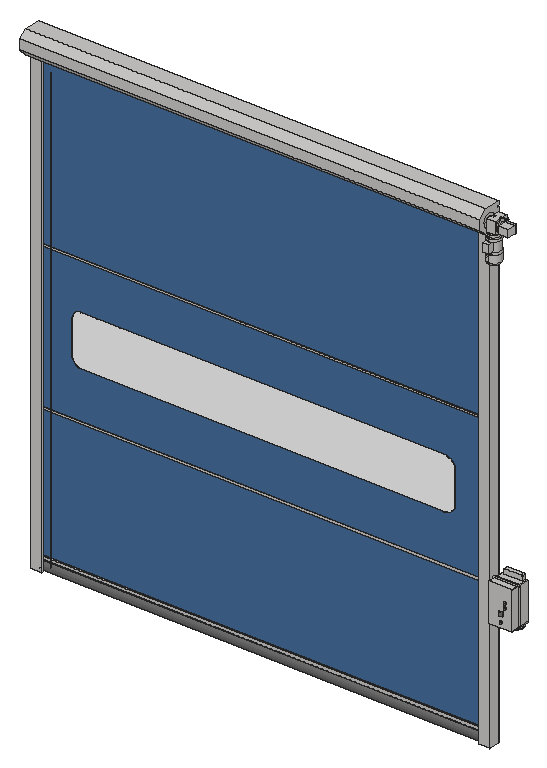
Revit family "2021_ES_Puerta_Ferroflex-RapidaEnrollable_Fenroll_D00683ES", category Doors, host Wall, Revit 2021
Family settings
  Host = Wall
  OmniClass Number = 23.30.10.00
  OmniClass Title = Doors
  Always vertical = Yes
  Cut with Voids When Loaded = No
  Shared = No
  Room Calculation Point = No
Parameters (values of type "Puerta enrollable 4500 x 4500 m")
  Zona = ""
  Vida Util Esperada = ""
  Motor Vertical [instance] = not(Motor Horizontal)  # yes
  Version Estandar GDO-BIM = "GDO-BIM V02"  # constant formula
  Version = "RVT2021"  # constant formula
  Unidad Medicion = "Unidad"  # constant formula
  Unidad = ""
  Uniclass2015 Titulo = ""
  Uniclass2015 Codigo = ""
  URL de Declaracion de Prestaciones = "https://ferroflexindustrialaccess.com/productos/puerta-rapida-enrollable-acero"
  URL Producto = "https://ferroflexindustrialaccess.com/productos/puerta-rapida-enrollable-acero"
  URL Perfil BIM = "https://bimetica.com/es/objeto-bim-ferroflex-puerta-rapida-enrrollable-acero-fenroll-d00683es-v2-15956.html"
  URL = "https://ferroflexindustrialaccess.com/productos/puerta-rapida-enrollable-acero"
  UNSPSC Titulo = "Rolling doors"  # constant formula
  UNSPSC Codigo = "30171503"  # constant formula
  Type Comments = ""
  Titular = "MANUSA GEST, S.L."  # constant formula
  Tipo Embalaje Proteccion = ""
  Tiempo Util De Vida = ""
  Tiempo Medio Entre Fallos = ""
  Thickness = 20 mm  # constant formula
  Telefono Contacto = "0034 937 263 433"  # constant formula
  Soporte tecnico BIM = "https://bimsupport.info/es/fabricantes/ferroflex/"
  Serie = "Puertas enrrollables"  # constant formula
  Salida de incendios = no
  Salida Humos = no
  Responsable Seguridad = ""
  Responsable Prescripcion = ""
  Responsable Compra = ""
  Residuos Peligrosos por Unidad = 0
  Residuos No Peligrosos por Unidad = 0
  Residuo Radioactivo por Unidad = 0
  Residuo Inerte por Unidad = 0
  Referencia Unidad Funcional = ""
  Referencia Lote = ""
  Referencia Contacto Soporte Tecnico = "ferroflex@ferroflex.net"  # constant formula
  Referencia Contacto Comercial Venta = "ferroflex@ferroflex.net"  # constant formula
  Referencia = "D00683ES-V2"  # constant formula
  Punto de Contacto = "https://ferroflexindustrialaccess.com/contact"
  Plataforma descaga contenido BIM = "www.bimetica.com"
  Peso = 0.00 kg
  Periodo Garantia = "1 año vista"
  Partida URL = ""
  Pais de Venta = ""
  Operation = "Enrrollable"  # constant formula
  Omniclass Titulo = "Access Doors"  # constant formula
  Omniclass Codigo = "23-17 11 27 13"  # constant formula
  Numero de Licencia = "XXX-XXXX7125"  # constant formula
  Numero de Declaracion de Prestaciones = ""
  Numero Serie = ""
  Numero Articulo Global Comercial = ""
  Numero Articulo = "D00683ES-V2"  # constant formula
  Nivel de Riesgo = ""
  Model = "Fenroll"  # constant formula
  Material Telon = PVC_Azul
  Material Envoltura = "Envoltura de plástico"
  Material Contenedor = "Caja de madera"
  Material = Hierro_Lacado
  Masterformat Titulo = "Access Doors and Panels"  # constant formula
  Masterformat Codigo = "08 31 00"  # constant formula
  Marcado CE = yes
  Manufacturer = "Ferroflex S.L.U."  # constant formula
  Mantenimiento = ""
  Lugar Ensamblaje = "En obra"
  Instrucciones Especiales = ""
  Informacion Tecnica = ""
  Infiltracion = 0
  IfcExportType = "Roll-up door"  # constant formula
  IfcExportAs = "IfcDoor"  # constant formula
  Identificador Garantia = ""
  Motor Horizontal [instance] = no
  Historial = "(RVT2021) Creación de Elemento."  # constant formula
  Gubimclass Titulo = "Puertas de acceso"  # constant formula
  Gubimclass Codigo = "80.10.40.20"  # constant formula
  Garantia Extendida = no
  G = 320 mm  # constant formula
  Function = Interior
  Fuente Datos LCA = ""
  Frame Projection Ext. = 25 mm
  Frame Projection Int. = 25 mm
  Fire Rating = "Lona ISO 3795-89"  # constant formula
  E = 110 mm  # constant formula
  D = 115 mm  # constant formula
  Description = "Puerta rápida enrollable, compuesta por guías y cabezal en acero lacado o inoxidable. Lona de PVC con tejido de poliéster, color a elegir. Cuadro de maniobra con variador. Seguridad activa mediante barreras de fotocélulas cruzadas y posibilidad de faldón inferior con banda resistiva."  # constant formula
  Define Thermal Properties by = Schematic Type
  Caja de mando Visible [instance] = yes
  C = 500 mm  # constant formula
  B = 240 mm  # constant formula
  Area Acristalamiento = "Posibilidad de Mirillas"
  Antepecho Interno = no
  Antepecho Externo = no
  Angl [instance] = if(Motor Vertical, 180.00°, if(Motor Horizontal, 90.00°, 0.00°))  # 180.00°
  Analytic Construction = "<Ninguno>"
  Height = if((Altura útil + 500 mm) < 2100 mm, 2100 mm, if((Altura útil + 500 mm) > 4500 mm, 4500 mm, Altura útil))  # 4500 mm
  Wall Closure = Interior
  Width = if((Ancho útil + 115 mm) < 1000 mm, 1000 mm, if((Ancho útil + 115 mm) > 4500 mm, 4500 mm, Ancho útil))  # 4500 mm
  Fraccion del area de acristalamiento = 0
  Formacion Fotoquimica Ozono por Unidad = 0
  Fecha Vencimiento Elemento BIM = "2 años vista"  # constant formula
  Fecha Suministro = ""
  Fecha Inicio Garantia = ""
  Fecha Fin Garantia = ""
  Fecha Evaluacion = ""
  Fecha Emision Elemento BIM = "29/11/2022"  # constant formula
  Fecha Compra = ""
  Fecha Colocacion = ""
  Fase Ciclo Vida = ""
  Falta de Recursos por Unidad = 0
  Exclusiones = ""
  Eutrofizacion por Unidad = 0
  Etiqueta Modelo = "Puerta enrollable modelo Fenroll"  # constant formula
  Estandar seguridad = "2006/42/CE"
  Espacio libre acceso = 0 mm
  Espacio = ""
  Es Motorizada = yes
  Es Exterior = 1 = 1  # yes
  Es Accesible = no
  Energia consumida = 0
  Energia Renovable Consumida por Unidad = 0
  Energia Primaria Total Consumida por Unidad = 0
  Energia No Renovable Consumida por Unidad = 0
  Email Contacto = "ferroflex@ferroflex.net"  # constant formula
  Destruccion Capa Ozono Estratosferica por Unidad = 0
  Desfase Exterior = 0 mm
  Desfae Interior = 0 mm
  Descripcion Evaluacion = ""
  Dependiente De = ""
  Declaracion Ambiental de Producto URL = ""
  Creditos LEED = ""
  Creditos BREEAM = ""
  Coste Mantenimiento = 0
  Cortahumos = no
  Contenido Garantia = "Materiales"
  Contacto = "https://ferroflexindustrialaccess.com/contact"
  Condiciones de Venta = ""
  Condiciones Evaluacion = ""
  Codigo Barras = ""
  Codigo = "Fenroll"  # constant formula
  Clasificacion higrotermica = ""
  Clasificacion de seguridad = "ISO 1421 / ISO 13937-2"
  Clasificacion de estanqueidad al agua = ""
  Clasificacion de carga mecanica = ""
  Clasificacion de carga de viento = "Clase 2"  # constant formula
  Cierre automatico = no
  Cambio Climatico por Unidad = 0
  Calificacion de durabilidad = ""
  COBie Categoria = "IfcDoor"  # constant formula
  Base Precio Producto 03 = ""
  Base Precio Producto 02 = ""
  Base Precio Producto 01 = ""
  Autor = "Bimetica Parametric Design Services S.L."  # constant formula
  Area de superficie = 0.00 m²
  Ano Produccion = ""
  Ancho útil = 4500 mm
  Altura minima requerida = 2100 mm
  Altura útil = 4500 mm
  Altura cuadro de Mando = 1200 mm
  Agua Consumida por Unidad = 0
  Acidificacion Atmosferica por Unidad = 0
  Acabado = "Lacado"
  A = 240 mm  # constant formula
Reference planes
  plane 1: y = 0
  plane 2 "Center (Left/Right)": x = 0
  plane 3 "Left": x = -2250
  plane 4 "Right": x = 2250
  plane 5: z = 4500
  plane 6 "Exterior": y = -150
  plane 7 "Interior": y = -150
  plane 8: x = 2365
  plane 9: x = -2365
  plane 10: y = -260
  plane 11: z = 5000
  plane 12: y = -390
  plane 13 "Cuadro de Mando": z = 1200
  plane 14 "Motor": z = 4880
  plane 15 "Bottom": z = 0
  plane 16: z = 4760
  plane 17: x = 2685
  plane 18 "MM": x = 2453
Forms (mm)
  Extrusion 1, solid, material "Hierro_Lacado" <- "Material"
    sketch origin (0, 0, 0) x (0, 1, 0) y (0, 0, 1)
      loop
        line (-150, 5000) -> (-320.389, 5000) -> (-390, 4930.389) -> (-390, 4829.789) -> (-320.211, 4760) -> (-150, 4760) -> (-150, 4940) -> (-170, 4940) -> (-170, 4960) -> (-150, 4960) -> (-150, 5000)
    from -2365 to 2365
  Extrusion 2, solid, material "Hierro_Lacado" <- "Material"
    sketch origin (0, 0, 0) x (0, 1, 0) y (-1, 0, 0)
      loop
        line (-150, -2362) -> (-150, -2246.609)
        arc (-150, -2246.609) -> (-150.702, -2244.681) -> (-152.479, -2243.655) r 3
        line (-152.479, -2243.655) -> (-159.771, -2242.369) -> (-160.373, -2245.783) -> (-183.282, -2240.951) -> (-183.282, -2317.666) -> (-247.836, -2317.666) -> (-247.836, -2245.194) -> (-251.608, -2245.99) -> (-251.782, -2245.005) -> (-257.521, -2246.017)
        arc (-257.521, -2246.017) -> (-259.298, -2247.043) -> (-260, -2248.971) r 3
        line (-260, -2248.971) -> (-260, -2362)
        arc (-260, -2362) -> (-259.121, -2364.121) -> (-257, -2365) r 3
        line (-257, -2365) -> (-153, -2365)
        arc (-153, -2365) -> (-150.879, -2364.121) -> (-150, -2362) r 3
      loop
        arc (-150, 2362) -> (-150.879, 2364.121) -> (-153, 2365) r 3
        line (-153, 2365) -> (-257, 2365)
        arc (-257, 2365) -> (-259.121, 2364.121) -> (-260, 2362) r 3
        line (-260, 2362) -> (-260, 2248.971)
        arc (-260, 2248.971) -> (-259.298, 2247.043) -> (-257.521, 2246.017) r 3
        line (-257.521, 2246.017) -> (-251.782, 2245.005) -> (-251.608, 2245.99) -> (-247.836, 2245.194) -> (-247.836, 2317.666) -> (-183.282, 2317.666) -> (-183.282, 2240.951) -> (-160.373, 2245.783) -> (-159.771, 2242.369) -> (-152.479, 2243.655)
        arc (-152.479, 2243.655) -> (-150.702, 2244.681) -> (-150, 2246.609) r 3
        line (-150, 2246.609) -> (-150, 2362)
    from 0 to 4760
  Extrusion 3, solid, material "Hierro_Lacado" <- "Material", detail levels medium+fine
    sketch origin (0, 0, 0) x (0, 1, 0) y (0, 0, 1)
      loop
        line (-238.859, 142.255) -> (-238.859, 112.255) -> (-235.34, 104.331)
        arc (-235.34, 104.331) -> (-246.667, 48.579) -> (-217.059, 0) r 77.879
        line (-217.059, 0) -> (-214.059, 0)
        arc (-214.059, 0) -> (-184.451, 48.579) -> (-195.778, 104.331) r 77.879
        line (-195.778, 104.331) -> (-192.259, 112.255) -> (-192.259, 142.255) -> (-238.859, 142.255)
    from -2317.666 to 2317.666
  Extrusion 4, solid, material "PVC_Azul" <- "Material Telon", detail levels medium+fine
    sketch origin (0, -150, 0) x (1, 0, 0) y (0, 0, 1)
      loop
        line (-2317.666, 4760) -> (-2317.666, 142.255) -> (2317.666, 142.255) -> (2317.666, 4760) -> (-2317.666, 4760)
      loop
        line (1971.235, 2089.55) -> (1971.235, 2410.45)
        arc (1971.235, 2410.45) -> (1941.946, 2481.161) -> (1871.235, 2510.45) r 100
        line (1871.235, 2510.45) -> (-1870.893, 2510.45)
        arc (-1870.893, 2510.45) -> (-1941.603, 2481.161) -> (-1970.893, 2410.45) r 100
        line (-1970.893, 2410.45) -> (-1970.893, 2089.55)
        arc (-1970.893, 2089.55) -> (-1941.603, 2018.839) -> (-1870.893, 1989.55) r 100
        line (-1870.893, 1989.55) -> (1871.235, 1989.55)
        arc (1871.235, 1989.55) -> (1941.946, 2018.839) -> (1971.235, 2089.55) r 100
    from 63.559 to 67.559
  Extrusion 5, solid, material "PVC_Transparente", detail levels medium+fine
    sketch origin (0, -150, 0) x (1, 0, 0) y (0, 0, 1)
      loop
        arc (-1970.893, 2089.55) -> (-1941.603, 2018.839) -> (-1870.893, 1989.55) r 100
        line (-1870.893, 1989.55) -> (1871.235, 1989.55)
        arc (1871.235, 1989.55) -> (1941.946, 2018.839) -> (1971.235, 2089.55) r 100
        line (1971.235, 2089.55) -> (1971.235, 2410.45)
        arc (1971.235, 2410.45) -> (1941.946, 2481.161) -> (1871.235, 2510.45) r 100
        line (1871.235, 2510.45) -> (-1870.893, 2510.45)
        arc (-1870.893, 2510.45) -> (-1941.603, 2481.161) -> (-1970.893, 2410.45) r 100
        line (-1970.893, 2410.45) -> (-1970.893, 2089.55)
    from 63.559 to 67.559
  Extrusion 6, solid, material "Hierro_Lacado" <- "Material", detail levels fine
    sketch origin (0, 0, 0) x (0, 1, 0) y (0, 0, 1)
      loop
        line (-217.559, 1510) -> (-227.559, 1510) -> (-227.559, 1490) -> (-217.559, 1490) -> (-217.559, 1510)
      loop
        line (-217.559, 3010) -> (-227.559, 3010) -> (-227.559, 2990) -> (-217.559, 2990) -> (-217.559, 3010)
    from -2317.666 to 2317.666
  Revolve 7, solid, material "Hierro_Lacado" <- "Material", detail levels medium+fine
    sketch origin (2453, -270, 4880) x (0, 0, -1) y (0, -1, 0)
      loop
        line (319.068, 117.917) -> (238.44, 117.917) -> (236.307, 120.05) -> (217, 120.05) -> (217, 112.766) -> (118, 112.766) -> (118, 117.498) -> (102, 117.498) -> (102, 104.934) -> (85.1, 102.559) -> (72, 102.559) -> (72, 85.622) -> (64.594, 84.581) -> (64.594, 75.32) -> (30.225, 75.32) -> (30.225, 69.254) -> (-48.281, 69.254) -> (-48.281, 50) -> (337, 50) -> (337, 107.564) -> (319.068, 117.917)
      axis (337, 50) -> (-48.281, 50)
    angle from 0 to 360
  Revolve 8, solid, material "Hierro_Lacado" <- "Material", detail levels medium+fine
    sketch origin (2453, -236.25, 4880) x (-1, 0, 0) y (0, -1, 0)
      loop
        line (-48, 35.959) -> (-48, 18.71) -> (-45.5, 18.71) -> (-45.5, -5) -> (-44.5, -5) -> (-44.5, -13.438) -> (-26.5, -13.438) -> (-26.5, -10.269) -> (22.5, -10.269) -> (22.5, -13.438) -> (40.5, -13.438) -> (40.5, 0) -> (79, 0) -> (79, -20) -> (88, -20) -> (88, 45) -> (-72, 45) -> (-72, 35.959) -> (-48, 35.959)
      axis (-72, 45) -> (88, 45)
    angle from 0 to 360
  Extrusion 9, solid, material "Hierro_Lacado" <- "Material", detail levels fine
    sketch origin (2453, -270, 4880) x (0, 0, -1) y (0, -1, 0)
      loop
        line (-60.281, -60) -> (60, -60) -> (60, 84) -> (-60.281, 84) -> (-60.281, -60)
      loop
        line (-48.281, -48) -> (48, -48) -> (48, 72) -> (-48.281, 72) -> (-48.281, -48)
    from -41.7 to 42.5
  Extrusion 10, solid, material "Hierro_Lacado" <- "Material", detail levels fine
    sketch origin (2453, -270, 4880) x (-1, 0, 0) y (0, -1, 0)
      loop
        line (-61.5, -13) -> (-61.5, -47) -> (-60.5, -47) -> (-60.5, -12) -> (-170.5, -12) -> (-170.5, -13) -> (-61.5, -13)
    from -48 to 43.064
  Extrusion 11, solid, material "Hierro_Lacado" <- "Material", detail levels fine
    sketch origin (2453, -270, 4880) x (-1, 0, 0) y (0, -1, 0)
      loop
        line (-72, -11) -> (-72, 77.5) -> (-168.618, 77.5) -> (-168.618, -11) -> (-72, -11)
    from -47 to 28.816
  Extrusion 12, solid, material "Hierro_Lacado" <- "Material", detail levels fine
    sketch origin (2453, -270, 4880) x (0, 0, -1) y (0, -1, 0)
      loop
        circle (36.357, -35.693) r 6.956
      loop
        circle (-35.976, -35.693) r 6.956
    from 0 to -73.513
  Extrusion 13, solid, material "Hierro_Lacado" <- "Material", visible <- "Caja de mando Visible", detail levels fine
    sketch origin (-249.719, -150, 40.117) x (1, 0, 0) y (0, 0, 1)
      loop
        arc (2678.182, 1576.883) -> (2664.04, 1571.025) -> (2658.182, 1556.883) r 20
        line (2658.182, 1556.883) -> (2658.182, 1179.883)
        arc (2658.182, 1179.883) -> (2664.04, 1165.741) -> (2678.182, 1159.883) r 20
        line (2678.182, 1159.883) -> (2903.182, 1159.883)
        arc (2903.182, 1159.883) -> (2917.324, 1165.741) -> (2923.182, 1179.883) r 20
        line (2923.182, 1179.883) -> (2923.182, 1556.883)
        arc (2923.182, 1556.883) -> (2917.324, 1571.025) -> (2903.182, 1576.883) r 20
        line (2903.182, 1576.883) -> (2678.182, 1576.883)
    from 116.737 to 128.106
  Extrusion 14, solid, material "Hierro_Lacado" <- "Material", visible <- "Caja de mando Visible"
    sketch origin (37.957, -150, 0.225) x (1, 0, 0) y (0, 0, 1)
      loop
        arc (2390.507, 1604.775) -> (2384.85, 1602.432) -> (2382.507, 1596.775) r 8
        line (2382.507, 1596.775) -> (2382.507, 1219.775)
        arc (2382.507, 1219.775) -> (2384.85, 1214.118) -> (2390.507, 1211.775) r 8
        line (2390.507, 1211.775) -> (2615.507, 1211.775)
        arc (2615.507, 1211.775) -> (2621.163, 1214.118) -> (2623.507, 1219.775) r 8
        line (2623.507, 1219.775) -> (2623.507, 1596.775)
        arc (2623.507, 1596.775) -> (2621.163, 1602.432) -> (2615.507, 1604.775) r 8
        line (2615.507, 1604.775) -> (2390.507, 1604.775)
    from 0 to 196.334
  Extrusion 15, solid, material "Hierro_Lacado" <- "Material", visible <- "Caja de mando Visible", detail levels fine
    sketch origin (0, -150, 0) x (1, 0, 0) y (0, 0, 1)
      loop
        arc (2455.964, 1656.5) -> (2448.893, 1653.571) -> (2445.964, 1646.5) r 10
        line (2445.964, 1646.5) -> (2445.964, 1605) -> (2635.964, 1605) -> (2635.964, 1645.5)
        arc (2635.964, 1645.5) -> (2632.742, 1653.278) -> (2624.964, 1656.5) r 11
        line (2624.964, 1656.5) -> (2455.964, 1656.5)
      loop
        line (2455.964, 1160.5) -> (2624.964, 1160.5)
        arc (2624.964, 1160.5) -> (2632.742, 1163.722) -> (2635.964, 1171.5) r 11
        line (2635.964, 1171.5) -> (2635.964, 1212) -> (2445.964, 1212) -> (2445.964, 1170.5)
        arc (2445.964, 1170.5) -> (2448.893, 1163.429) -> (2455.964, 1160.5) r 10
    from 0 to 33.5
  Extrusion 16, solid, material "Plastic, Opaque Black", visible <- "Caja de mando Visible", detail levels fine
    sketch origin (0, -150, 0) x (1, 0, 0) y (0, 0, 1)
      loop
        circle (2588.964, 1451.338) r 12
      loop
        circle (2588.964, 1406.338) r 12
      loop
        circle (2547.618, 1263.399) r 12
      loop
        line (2524.578, 1366.097) -> (2524.578, 1321.097) -> (2569.578, 1321.097) -> (2569.578, 1366.097) -> (2524.578, 1366.097)
    from 196.334 to 200.635
  Sweep 17, solid, material "Hierro_Lacado" <- "Material", detail levels fine
    path origin (2453, -270, 4880) x (0, 0, -1) y (0, -1, 0)
      loop
        line (217, 50) -> (217, 155)
    profile origin (2453, -372.5, 4663) x (0, 0, 1) y (-1, 0, 0)
      loop
        line (90.546, 30) -> (5.546, 30) -> (5.546, -30) -> (90.546, -30) -> (90.546, 30)
      loop
        circle (-28.771, 0) r 5
  Extrusion 18, solid, material "PVC_Azul" <- "Material Telon", detail levels coarse
    sketch origin (0, -150, 0) x (1, 0, 0) y (0, 0, 1)
      loop
        line (2317.666, 4760) -> (-2317.666, 4760) -> (-2317.666, 0) -> (2317.666, 0) -> (2317.666, 4760)
    from 63.559 to 67.559
  Extrusion 19, solid, material "Hierro_Lacado" <- "Material", detail levels coarse
    sketch origin (2453, -1722.196, 4880) x (-1, 0, 0) y (0, -1, 0)
      loop
        circle (0, -1402.246) r 70
    from -337 to 60
Lines and regions (mm)
  Opening 1
    outline origin (-3050, -150, 0) x (1, 0, 0) y (0, 0, 1)
      loop
        line (800, 0) -> (5300, 0) -> (5300, 4500) -> (800, 4500) -> (800, 0)
  symbolic lines, style "DoorsHiddenLines"
    curve 1: line (-2365, -150, 0) -> (-2365, -390, 0)
    curve 2: line (2365, -390, 0) -> (-2365, -390, 0)
    curve 3: line (2365, -150, 0) -> (2365, -390, 0)
    curve 4: circle (2453, -317.754, 0) r 70 normal (0, 0, 1)
    curve 5: line (-2317.666, -183.282, 0) -> (2317.666, -183.282, 0)
    curve 6: line (2317.666, -247.836, 0) -> (-2317.666, -247.836, 0)
    curve 12: line (2365, -150, 0) -> (-2365, -150, 0)
    curve 13: line (-2317.666, -183.282, 0) -> (-2317.666, -247.836, 0)
    curve 14: line (2317.666, -183.282, 0) -> (2317.666, -247.836, 0)
  reference lines
    curve 7: line (-2943.704, -150, 2250) -> (2956.296, -150, 2250)
    curve 8: line (0, -809.678, 3000) -> (0, -189.678, 3000)
    curve 9: line (0, -809.678, 1500) -> (0, -189.678, 1500)
    curve 10: line (2453, -270, 5436.19) -> (2453, -270, 3856.19)
    curve 11: line (2453, -270, 4880) -> (2453, -270, 4380)
Text (mm)
  text "Exterior" at (-1759.87, 1099.543, 0), in view "Ref. Level"
  text "Exterior" at (0, 1615.38, 3698.081), in view "Left"
  text "Exterior" at (0, 1036.032, 3874.932), in view "Right"
Dimensions and locks
  equal spacing: plane 3 "Left", plane 2 "Center (Left/Right)", plane 4 "Right"
  "Width": plane 3 "Left" to plane 4 "Right"
  "Height": plane 5 to host wall
  "C": plane 5 to plane 11
  host wall to plane 5 = 4500 mm
  "Desfae Interior": plane 6 "Exterior" to plane 7 "Interior"
  "Desfase Exterior": host wall to plane 7 "Interior"
  "D": plane 9 to plane 3 "Left"
  "D": plane 4 "Right" to plane 8
  plane 3 "Left" to plane 9 = 115 mm
  "E": plane 10 to plane 6 "Exterior"
  locked: plane 6 "Exterior" to plane 12 at 240
  "Altura cuadro de Mando": plane 13 "Cuadro de Mando" to level
  plane 5 to plane 14 "Motor" = 380 mm
  locked: level to plane 15 "Bottom"
  "A": plane 16 to plane 11
  equal spacing: plane 16, plane 14 "Motor", plane 11
  Extrusion 1 sketch curve to Extrusion 1 sketch curve to plane 11 = 20 mm locked, 40 mm locked
  locked: plane 6 "Exterior" to Extrusion 1 sketch curve at 20
  Extrusion 1 sketch curve to Extrusion 1 sketch curve to plane 12 = 0.179 mm locked, 69.611 mm locked
  locked: plane 16 to Extrusion 1 sketch curve at 69.789
  locked: plane 11 to Extrusion 1 sketch curve at 69.611
  Extrusion 2 sketch curve to Extrusion 2 sketch curve to Extrusion 2 sketch curve to Extrusion 2 sketch curve to Extrusion 2 sketch curve to Extrusion 2 sketch curve to Extrusion 2 sketch curve to Extrusion 2 sketch curve to Extrusion 2 sketch curve to Extrusion 2 sketch curve to Extrusion 2 sketch curve to Extrusion 2 sketch curve = 3 mm locked, 0 mm locked, 6.771 mm locked, 0.602 mm locked, 22.908 mm locked, 64.554 mm locked, 3.773 mm locked, 0.174 mm locked, 5.218 mm locked, 0 mm locked, 3 mm locked  (x2)
  Extrusion 2 sketch curve to Extrusion 2 sketch curve to Extrusion 2 sketch curve to Extrusion 2 sketch curve to Extrusion 2 sketch curve to Extrusion 2 sketch curve to Extrusion 2 sketch curve to Extrusion 2 sketch curve to Extrusion 2 sketch curve to Extrusion 2 sketch curve to Extrusion 2 sketch curve to Extrusion 2 sketch curve = 1.417 mm locked, 2.636 mm locked, 0.189 mm locked, 0.589 mm locked, 0.207 mm locked, 0.619 mm locked, 2.362 mm locked, 68.695 mm locked, 44.334 mm locked, 0 mm locked, 3 mm locked  (x2)
  locked: Extrusion 2 sketch curve to plane 8
  locked: plane 6 "Exterior" to Extrusion 2 sketch curve  (x2)
  locked: plane 9 to Extrusion 2 sketch curve
  Extrusion 3 sketch curve to Extrusion 3 sketch curve to Extrusion 3 sketch curve to Extrusion 3 sketch curve to Extrusion 3 sketch curve to Extrusion 3 sketch curve to Extrusion 3 sketch curve to Extrusion 3 sketch curve to plane 15 "Bottom" = 30 mm locked, 0 mm locked, 7.924 mm locked, 0 mm locked, 42.31 mm locked, 0 mm locked, 62.02 mm locked, 0 mm locked
  plane 6 "Exterior" to Extrusion 3 sketch curve to Extrusion 3 sketch curve to Extrusion 3 sketch curve to Extrusion 3 sketch curve to Extrusion 3 sketch curve to Extrusion 3 sketch curve = 19.957 mm locked, 22.302 mm locked, 3.519 mm locked, 39.562 mm locked, 3.519 mm locked, 22.302 mm locked
  locked: plane 4 "Right" to Extrusion 3 at 67.666
  locked: Extrusion 3 to plane 3 "Left" at 67.666
  locked: Extrusion 4 sketch curve to plane 3 "Left" at 67.666
  locked: plane 4 "Right" to Extrusion 4 sketch curve at 67.666
  locked: Extrusion 4 sketch curve to plane 15 "Bottom" at 142.255
  equal spacing: plane 5, curve 7, plane 15 "Bottom"
  locked: Extrusion 4 sketch curve to plane 4 "Right" at 278.765
  locked: plane 3 "Left" to Extrusion 4 sketch curve at 279.107
  Extrusion 4 sketch curve to curve 7 to Extrusion 4 sketch curve = 260.45 mm locked, 260.45 mm locked
  equal spacing: plane 5, curve 8, curve 9, plane 15 "Bottom"
  Extrusion 6 sketch curve to curve 9 to Extrusion 6 sketch curve = 10 mm locked, 10 mm locked
  Extrusion 6 sketch curve to curve 8 to Extrusion 6 sketch curve = 10 mm locked, 10 mm locked
  plane 6 "Exterior" to Extrusion 6 sketch curve to Extrusion 6 sketch curve = 67.559 mm locked, 10 mm locked
  "G": plane 17 to plane 8
  locked: plane 18 "MM" to plane 8 at 88
  equal spacing: plane 6 "Exterior", curve 10, plane 12
  locked: Extrusion 13 sketch curve to plane 13 "Cuadro de Mando" at 417
  Extrusion 13 sketch curve to Extrusion 13 sketch curve to plane 8 = 265 mm locked, 43.464 mm locked
  Extrusion 14 sketch curve to Extrusion 14 sketch curve to plane 13 "Cuadro de Mando" = 393 mm locked, 12 mm locked
  Extrusion 14 sketch curve to Extrusion 14 sketch curve to plane 8 = 241 mm locked, 55.464 mm locked
  Extrusion 15 sketch curve to Extrusion 15 sketch curve to plane 8 = 190 mm locked, 80.964 mm locked
  Extrusion 15 sketch curve to Extrusion 15 sketch curve to Extrusion 15 sketch curve to plane 13 "Cuadro de Mando" to Extrusion 15 sketch curve = 51.5 mm locked, 393 mm locked, 12 mm locked, 39.5 mm locked
  Extrusion 16 sketch curve to Extrusion 16 sketch curve to Extrusion 16 sketch curve to Extrusion 16 sketch curve to Extrusion 16 sketch curve to plane 13 "Cuadro de Mando" = 45 mm locked, 40.241 mm locked, 45 mm locked, 57.698 mm locked, 63.399 mm locked
  Extrusion 16 sketch curve to Extrusion 16 sketch curve to Extrusion 16 sketch curve to Extrusion 16 sketch curve to Extrusion 16 sketch curve to plane 8 = 0 mm locked, 19.386 mm locked, 21.96 mm locked, 23.04 mm locked, 159.578 mm locked
  locked: plane 3 "Left" to Extrusion 5 sketch curve at 279.107
  locked: Extrusion 5 sketch curve to plane 4 "Right" at 278.765
  Extrusion 5 sketch curve to curve 7 to Extrusion 5 sketch curve = 260.45 mm locked, 260.45 mm locked
  Extrusion 4 sketch curve to Extrusion 4 sketch curve to curve 7 to Extrusion 4 sketch curve to Extrusion 4 sketch curve = 0 mm locked, 160.45 mm locked, 160.45 mm locked, 0 mm locked
  Extrusion 4 sketch curve to Extrusion 4 sketch curve to plane 4 "Right" = 0 mm locked, 378.765 mm locked
  locked: curve 4 to plane 10 at 57.754
  locked: Revolve 8 sketch curve to Extrusion 10 at 23.25
  Revolve 8 sketch curve to Revolve 8 sketch curve to Revolve 8 sketch curve to Revolve 8 sketch curve to Revolve 8 sketch curve to Revolve 8 sketch curve to Revolve 8 sketch curve to Revolve 8 sketch curve to Revolve 8 sketch curve = 6.562 mm locked, 0 mm locked, 3.168 mm locked, 5.269 mm locked, 5 mm locked, 18.71 mm locked, 17.249 mm locked, 9.041 mm locked
  "Angl": angle curve 11 to curve 10
  aligned and locked: plane 3 "Left" to Opening 1 sketch curve
  aligned and locked: plane 5 to Opening 1 sketch curve  (x2)
  aligned and locked: Opening 1 sketch curve to plane 4 "Right"
  aligned and locked: Opening 1 sketch curve to level
  aligned and locked: host wall to plane 1
  aligned and locked: plane 9 to curve 1
  aligned and locked: Extrusion 1 sketch curve to plane 11
  aligned and locked: plane 16 to Extrusion 1 sketch curve
  aligned and locked: Extrusion 1 sketch curve to plane 12
  aligned and locked: plane 6 "Exterior" to Extrusion 1 sketch curve  (x2)
  aligned and locked: plane 9 to Extrusion 1
  aligned and locked: plane 8 to Extrusion 1
  aligned and locked: Extrusion 2 to plane 16
  aligned and locked: plane 16 to Extrusion 4 sketch curve
  aligned and locked: Extrusion 6 sketch curve to Extrusion 6 sketch curve  (x2)
  aligned and locked: Extrusion 6 to Extrusion 2  (x2)
  aligned and locked: plane 14 "Motor" to curve 11
  aligned and locked: curve 10 to curve 11
  aligned and locked: plane 13 "Cuadro de Mando" to Extrusion 13 sketch curve
  aligned and locked: Extrusion 15 sketch curve to Extrusion 15 sketch curve  (x2)
  aligned and locked: curve 3 to plane 8
  aligned and locked: plane 12 to curve 2
  aligned and locked: Extrusion 2 to curve 14
  aligned and locked: curve 5 to Extrusion 2
  aligned and locked: curve 6 to Extrusion 2
  aligned and locked: plane 18 "MM" to curve 4
  aligned and locked: Revolve 8 sketch curve to Extrusion 2
  aligned and locked: Extrusion 11 to Revolve 8 sketch curve
  aligned and locked: Revolve 8 sketch curve to Revolve 8 sketch curve
  aligned and locked: plane 15 "Bottom" to Extrusion 18 sketch curve
  aligned and locked: Extrusion 2 to Extrusion 18 sketch curve
  aligned and locked: Extrusion 18 sketch curve to Extrusion 2
  aligned and locked: plane 16 to Extrusion 18 sketch curve
Automatic sketch dimensions
  curve 9 to plane 12 = 419.678 mm
  curve 8 to plane 12 = 419.678 mm
  plane 7 "Interior" to curve 9 = 39.678 mm
  plane 7 "Interior" to curve 8 = 39.678 mm
  Extrusion 2 sketch curve to plane 10 = 2.479 mm  (x2)
  plane 6 "Exterior" to Extrusion 2 sketch curve = 2.479 mm  (x2)
  plane 9 to curve 7 = 578.704 mm
  plane 17 to curve 7 = 271.296 mm
  plane 11 to curve 10 = 436.19 mm
  plane 5 to curve 10 = 643.81 mm
  Extrusion 9 sketch curve to curve 11 = 60.281 mm
  Extrusion 9 sketch curve to Extrusion 9 sketch curve = 12 mm  (x4)
  curve 11 to Extrusion 9 sketch curve = 48 mm
  curve 11 to Extrusion 9 sketch curve = 60 mm
  curve 11 to Extrusion 9 sketch curve = 72 mm
  Extrusion 10 sketch curve to plane 17 = 61.5 mm
  Extrusion 10 sketch curve to plane 18 "MM" = 61.5 mm
  Extrusion 10 sketch curve to Extrusion 10 sketch curve = 1 mm  (x2)
  Extrusion 10 sketch curve to Extrusion 10 sketch curve = 34 mm
  Extrusion 11 sketch curve to plane 17 = 63.382 mm
  Extrusion 11 sketch curve to plane 18 "MM" = 72 mm
  Extrusion 12 sketch curve to curve 11 = 35.976 mm
  curve 11 to Extrusion 12 sketch curve = 36.357 mm
  curve 11 to Extrusion 12 sketch curve = 35.693 mm  (x2)
  Extrusion 11 sketch curve to Extrusion 11 sketch curve = 88.5 mm
  Sweep 17 sketch curve to Sweep 17 sketch curve = 105 mm
  curve 11 to Sweep 17 sketch curve = 217 mm
  Sweep 17 sketch curve to curve 11 = 50 mm
  Sweep 17 sketch curve to profile plane = 0 mm
  profile plane to Sweep 17 sketch curve = 28.771 mm
  Sweep 17 sketch curve to profile plane = 5.546 mm
  Sweep 17 sketch curve to profile plane = 30 mm
  Sweep 17 sketch curve to Sweep 17 sketch curve = 85 mm
  profile plane to Sweep 17 sketch curve = 30 mm
  Extrusion 5 sketch curve to Extrusion 5 sketch curve = 100 mm  (x4)
  plane 18 "MM" to Extrusion 13 sketch curve = 24.536 mm
  Extrusion 13 sketch curve to Extrusion 13 sketch curve = 20 mm  (x2)
  plane 13 "Cuadro de Mando" to Extrusion 13 sketch curve = 20 mm
  Extrusion 14 sketch curve to Extrusion 14 sketch curve = 8 mm  (x4)
  Extrusion 15 sketch curve to plane 18 "MM" = 2.964 mm  (x2)
  Extrusion 15 sketch curve to Extrusion 15 sketch curve = 11 mm  (x2)
  plane 6 "Exterior" to curve 12 = 0 mm
  curve 13 to plane 9 = 47.334 mm
  plane 8 to Revolve 8 sketch curve = 9 mm
  Revolve 8 sketch curve to Revolve 8 sketch curve = 38.5 mm
  Revolve 8 sketch curve to Revolve 8 sketch curve = 18 mm  (x2)
  Revolve 8 sketch curve to Revolve 8 sketch curve = 1 mm
  Revolve 8 sketch curve to Revolve 8 sketch curve = 2.5 mm
  Revolve 8 sketch curve to Revolve 8 sketch curve = 24 mm
  Revolve 8 sketch curve to Revolve 8 sketch curve = 63.986 mm
  Revolve 8 sketch curve to Revolve 8 sketch curve = 16.014 mm
  plane 8 to Extrusion 19 sketch curve = 88 mm
  Revolve 7 sketch curve to curve 11 = 48.281 mm
  curve 11 to Revolve 7 sketch curve = 30.225 mm
  Revolve 7 sketch curve to Revolve 7 sketch curve = 34.37 mm
  Revolve 7 sketch curve to Revolve 7 sketch curve = 7.406 mm
  Revolve 7 sketch curve to Revolve 7 sketch curve = 13.1 mm
  Revolve 7 sketch curve to Revolve 7 sketch curve = 16.9 mm
  Revolve 7 sketch curve to Revolve 7 sketch curve = 16 mm
  Revolve 7 sketch curve to Revolve 7 sketch curve = 99 mm
  Revolve 7 sketch curve to Revolve 7 sketch curve = 19.307 mm
  Revolve 7 sketch curve to curve 11 = 117.917 mm
  Revolve 7 sketch curve to Revolve 7 sketch curve = 2.133 mm  (x2)
  Revolve 7 sketch curve to Revolve 7 sketch curve = 80.628 mm
  curve 11 to Revolve 7 sketch curve = 117.498 mm
  Revolve 7 sketch curve to Revolve 7 sketch curve = 4.732 mm
  Revolve 7 sketch curve to Revolve 7 sketch curve = 12.564 mm
  Revolve 7 sketch curve to Revolve 7 sketch curve = 2.375 mm
  Revolve 7 sketch curve to Revolve 7 sketch curve = 16.937 mm
  Revolve 7 sketch curve to Revolve 7 sketch curve = 1.041 mm
  curve 11 to Revolve 7 sketch curve = 75.32 mm
  Revolve 7 sketch curve to Revolve 7 sketch curve = 6.065 mm
  Revolve 7 sketch curve to Revolve 7 sketch curve = 19.254 mm
  Revolve 7 sketch curve to Revolve 7 sketch curve = 78.719 mm
  Revolve 7 sketch curve to Revolve 7 sketch curve = 17.932 mm
  Revolve 7 sketch curve to Revolve 7 sketch curve = 41 mm
  Revolve 7 sketch curve to Revolve 7 sketch curve = 10.353 mm
  Revolve 7 sketch curve to curve 11 = 50 mm
  plane 10 to Extrusion 19 sketch curve = 59.95 mm
  radius of Extrusion 12 sketch curve = 6.956 mm  (x2)
  radius of Extrusion 16 sketch curve = 12 mm  (x3)
  radius of Sweep 17 sketch curve = 5 mm
  radius of curve 4 = 70 mm
  radius of Extrusion 19 sketch curve = 70 mm
